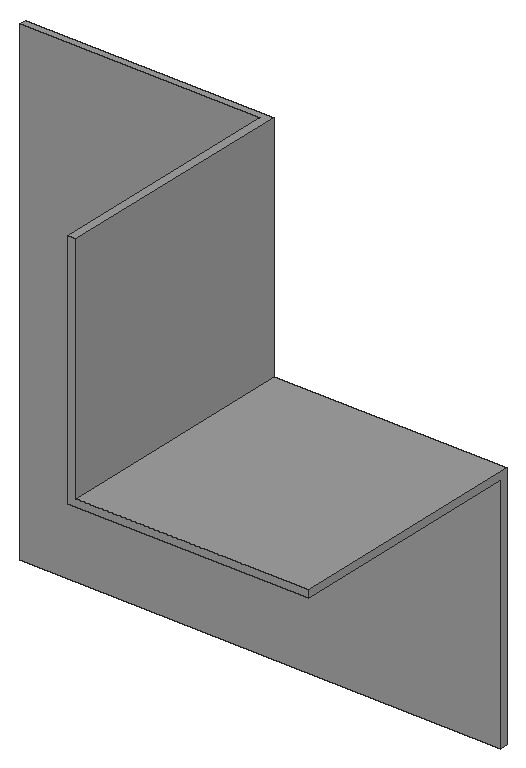
Revit family "Flashing_Preformed_Hyload_Type-W1", category Generic Models, Revit 2014
Parameters (values of type "As Specified")
  Unit Width = 0' - 7 1/8"
  Unit Height = 0' - 2"
  Unit Depth = 0' - 6"
  URL = "http://www.hyload.com/"
  Thickness = 0' - 0 1/16"
  Specification = "http://www.arcat.com/sdspecs/htm04/07_65_00hyl.htm"
  Sales Information = "http://www.hyload.com/contact-us"
  Revision = "R1_12-2015"
  Product Properties = "http://www.hyload.com/masonry-flashing/preformed-shapes/"
  Product Data = "http://www.arcat.com/arcatcos/cos33/arc33176.html"
  Model = "Type W1"
  Manufacturer Website = "http://www.hyload.com/"
  Manufacturer Phone - Toll Free = "800-457-4056"
  Manufacturer Phone = "330-769-3546"
  Manufacturer Fax = "330-769-4153"
  Manufacturer Address = "5020 Panther Pkwy., Seville, OH 44273"
  Manufacturer = "Hyload"
  Keynote = "07 65 00"
  Flashing Material = Hyload Flashing Membrane - Grey
  Drawn By = "Robert S. Weygant / Sumex Design"
  Description = "Preformed Hyload Masonry Flashing - Type W1"
  Copyright = "(c) ARCAT, Inc, 2015"
  Construction Details = "http://www.arcat.com/details/hyload/hyload.html?coid=33176"
  Assembly Code = "B3010400"
Reference planes (in)
  plane 1 "Center (Front/Back)": y = 0
  plane 2: z = 0
  plane 3 "Center (Left/Right)": x = 0
  plane 4: x = 2
  plane 5: z = 2
  plane 6: y = -2
  plane 7: z = 4
Forms (in)
  Sweep 1, solid, material "Hyload Flashing Membrane - Grey" <- "Flashing Material"
    path origin (0, 0, 0) x (1, 0, 0) y (0, 0, 1)
      loop
        line (2, 2) -> (0, 2) -> (0, 4)
    profile origin (1, 0, 2) x (0, 0, -1) y (0, -1, 0)
      loop
        line (0, 0) -> (0, 2) -> (-0.0625, 2) -> (-0.0625, -0.0625) -> (2, -0.0625) -> (2, 0) -> (0, 0)
Dimensions and locks (in)
  "Unit Height": plane 5 to level
  plane 1 "Center (Front/Back)" to plane 6 = 0' - 2"
  plane 7 to level = 0' - 4"
  plane 4 to plane 3 "Center (Left/Right)" = 0' - 2"
  "Thickness": Sweep 1 sketch curve to plane 5
  "Thickness": Sweep 1 sketch curve to plane 1 "Center (Front/Back)"
  aligned and locked: plane 2 to level
  aligned and locked: plane 3 "Center (Left/Right)" to Sweep 1 sketch curve
  aligned and locked: plane 5 to Sweep 1 sketch curve  (x2)
  aligned and locked: Sweep 1 sketch curve to plane 6
  aligned and locked: Sweep 1 sketch curve to level
  aligned and locked: plane 7 to Sweep 1 sketch curve
Automatic sketch dimensions
  Sweep 1 sketch curve to plane 1 "Center (Front/Back)" = 0' - 0"
  Sweep 1 sketch curve to plane 4 = 0' - 0"
